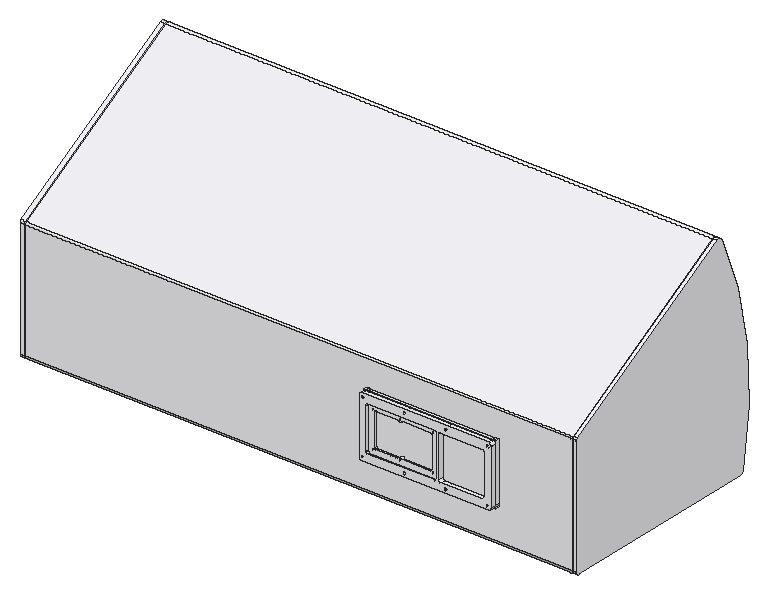
Revit family "EVU-2082", category Communication Devices, Revit 2017 (continued)
Definition of nested family "InputPanel_small"
  Lines and regions (mm)
    model lines
      curve 1021: line (-27.083, -4.337, 45.289) -> (-26.397, -4.337, 44.729)
      curve 1022: line (-26.397, -4.337, 44.729) -> (-25.943, -4.337, 43.898)
      curve 1023: line (-25.939, -4.337, 43.892) -> (-25.655, -4.337, 42.903)
      curve 1024: line (-25.655, -4.337, 42.903) -> (-24.963, -4.337, 42.903)
      curve 1025: line (-24.963, -4.337, 42.903) -> (-22.846, -4.337, 42.903)
      curve 1026: line (-22.846, -4.337, 42.903) -> (-22.846, -4.337, 46.056)
      curve 1027: line (-25.779, -4.337, 30.291) -> (-25.941, -4.337, 29.303)
      curve 1028: line (-25.941, -4.337, 29.303) -> (-26.399, -4.337, 28.465)
      curve 1029: line (-26.399, -4.337, 28.465) -> (-27.085, -4.337, 27.905)
      curve 1030: line (-27.085, -4.337, 27.905) -> (-27.895, -4.337, 27.709)
      curve 1031: line (-27.895, -4.337, 27.709) -> (-28.704, -4.337, 27.906)
      curve 1032: line (-28.704, -4.337, 27.906) -> (-29.39, -4.337, 28.465)
      curve 1033: line (-29.39, -4.337, 28.465) -> (-29.849, -4.337, 29.303)
      curve 1034: line (-29.849, -4.337, 29.303) -> (-30.01, -4.337, 30.291)
      curve 1035: line (-30.01, -4.337, 30.291) -> (-29.849, -4.337, 31.279)
      curve 1036: line (-29.849, -4.337, 31.279) -> (-29.39, -4.337, 32.117)
      curve 1037: line (-29.39, -4.337, 32.117) -> (-28.704, -4.337, 32.677)
      curve 1038: line (-28.704, -4.337, 32.677) -> (-27.894, -4.337, 32.873)
      curve 1039: line (-27.894, -4.337, 32.873) -> (-27.085, -4.337, 32.676)
      curve 1040: line (-27.085, -4.337, 32.676) -> (-26.399, -4.337, 32.117)
      curve 1041: line (-26.399, -4.337, 32.117) -> (-25.944, -4.337, 31.286)
      curve 1042: line (-25.94, -4.337, 31.279) -> (-25.657, -4.337, 30.291)
      curve 1043: line (-25.657, -4.337, 30.291) -> (-24.965, -4.337, 30.291)
      curve 1044: line (-24.965, -4.337, 30.291) -> (-22.847, -4.337, 30.29)
      curve 1045: line (-22.847, -4.337, 30.29) -> (-22.848, -4.337, 36.486)
      curve 1046: line (-28.709, -4.337, 20.832) -> (-28.921, -4.337, 20.832)
      curve 1047: line (-28.921, -4.337, 20.832) -> (-28.921, -4.337, 21.175)
      curve 1048: line (-28.842, -4.337, 21.313) -> (-28.709, -4.337, 21.439)
      curve 1049: line (-28.709, -4.337, 21.439) -> (-28.709, -4.337, 20.832)
      curve 1050: line (-28.709, -4.337, 20.832) -> (-27.082, -4.337, 20.831)
      curve 1051: line (-27.082, -4.337, 20.831) -> (-27.082, -4.337, 21.438)
      curve 1052: line (-27.081, -4.337, 27.746) -> (-27.082, -4.337, 26.531)
      curve 1053: line (-27.081, -4.337, 34.051) -> (-27.081, -4.337, 32.836)
      curve 1054: line (-27.08, -4.337, 40.358) -> (-27.08, -4.337, 39.143)
      curve 1055: line (-28.706, -4.337, 46.057) -> (-28.918, -4.337, 46.057)
      curve 1056: line (-28.918, -4.337, 46.057) -> (-28.918, -4.337, 45.691)
      curve 1057: line (-28.839, -4.337, 45.575) -> (-28.706, -4.337, 45.449)
      curve 1058: line (-28.706, -4.337, 45.449) -> (-28.706, -4.337, 46.057)
      curve 1059: line (-28.706, -4.337, 46.057) -> (-27.079, -4.337, 46.057)
      curve 1060: line (-27.079, -4.337, 46.057) -> (-27.079, -4.337, 45.449)
      curve 1061: line (-28.919, -4.337, 40.095) -> (-28.915, -4.337, 39.417)
      curve 1062: line (-28.84, -4.337, 39.27) -> (-28.707, -4.337, 39.144)
      curve 1063: line (-28.707, -4.337, 39.144) -> (-28.707, -4.337, 40.359)
      curve 1064: line (-28.707, -4.337, 40.359) -> (-28.84, -4.337, 40.232)
      curve 1065: line (-28.708, -4.337, 34.051) -> (-28.708, -4.337, 32.836)
      curve 1066: line (-28.708, -4.337, 32.836) -> (-28.841, -4.337, 32.963)
      curve 1067: line (-28.92, -4.337, 33.078) -> (-28.919, -4.337, 33.787)
      curve 1068: line (-28.841, -4.337, 33.925) -> (-28.708, -4.337, 34.051)
      curve 1069: line (-28.92, -4.337, 27.482) -> (-28.917, -4.337, 26.804)
      curve 1070: line (-28.842, -4.337, 26.657) -> (-28.709, -4.337, 26.531)
      curve 1071: line (-28.709, -4.337, 26.531) -> (-28.708, -4.337, 27.746)
      curve 1072: line (-28.708, -4.337, 27.746) -> (-28.842, -4.337, 27.62)
      curve 1073: line (-24.272, -4.337, 33.155) -> (-26.389, -4.337, 33.155)
      curve 1074: line (-26.389, -4.337, 33.155) -> (-26.389, -4.337, 33.732)
      curve 1075: line (-26.389, -4.337, 33.732) -> (-24.272, -4.337, 33.731)
      curve 1076: line (-24.272, -4.337, 33.731) -> (-24.272, -4.337, 33.155)
      curve 1077: line (-24.271, -4.337, 39.462) -> (-24.271, -4.337, 40.039)
      curve 1078: line (-24.271, -4.337, 40.039) -> (-26.388, -4.337, 40.039)
      curve 1079: line (-26.388, -4.337, 40.039) -> (-26.388, -4.337, 39.463)
      curve 1080: line (-26.388, -4.337, 39.463) -> (-24.271, -4.337, 39.462)
      curve 1081: line (-24.272, -4.337, 26.85) -> (-24.272, -4.337, 27.426)
      curve 1082: line (-24.272, -4.337, 27.426) -> (-26.39, -4.337, 27.426)
      curve 1083: line (-26.39, -4.337, 27.426) -> (-26.39, -4.337, 26.85)
      curve 1084: line (-26.39, -4.337, 26.85) -> (-24.272, -4.337, 26.85)
      curve 1085: line (-26.388, -4.337, 46.057) -> (-24.27, -4.337, 46.056)
      curve 1086: line (-24.27, -4.337, 46.056) -> (-24.27, -4.337, 45.768)
      curve 1087: line (-24.27, -4.337, 45.768) -> (-26.388, -4.337, 45.768)
      curve 1088: line (-26.388, -4.337, 45.768) -> (-26.388, -4.337, 46.057)
      curve 1089: line (-26.388, -4.337, 46.057) -> (-27.079, -4.337, 46.057)
      curve 1090: line (-27.082, -4.337, 20.831) -> (-26.391, -4.337, 20.831)
      curve 1091: line (-26.391, -4.337, 20.831) -> (-26.391, -4.337, 21.119)
      curve 1092: line (-26.391, -4.337, 21.119) -> (-24.273, -4.337, 21.119)
      curve 1093: line (-24.273, -4.337, 21.119) -> (-24.273, -4.337, 20.831)
      curve 1094: line (-24.273, -4.337, 20.831) -> (-26.391, -4.337, 20.831)
      curve 1095: line (-25.785, -4.337, 36.802) -> (-27.579, -4.337, 34.613)
      curve 1096: line (-27.579, -4.337, 34.613) -> (-27.088, -4.337, 34.281)
      curve 1097: line (-25.785, -4.337, 43.108) -> (-27.578, -4.337, 40.92)
      curve 1098: line (-27.578, -4.337, 40.92) -> (-27.087, -4.337, 40.587)
      curve 1099: line (-25.812, -4.337, 37.057) -> (-27.412, -4.337, 35.105)
      curve 1100: line (-27.412, -4.337, 35.105) -> (-27.981, -4.337, 35.105)
      curve 1101: line (-27.981, -4.337, 35.105) -> (-25.943, -4.337, 37.592)
      curve 1102: line (-25.812, -4.337, 43.363) -> (-27.411, -4.337, 41.411)
      curve 1103: line (-27.411, -4.337, 41.411) -> (-27.981, -4.337, 41.411)
      curve 1104: line (-27.981, -4.337, 41.411) -> (-25.943, -4.337, 43.898)
      curve 1105: line (-25.786, -4.337, 30.496) -> (-27.579, -4.337, 28.307)
      curve 1106: line (-27.579, -4.337, 28.307) -> (-27.088, -4.337, 27.974)
      curve 1107: line (-25.787, -4.337, 24.189) -> (-27.58, -4.337, 22.001)
      curve 1108: line (-27.58, -4.337, 22.001) -> (-27.089, -4.337, 21.668)
      curve 1109: line (-25.814, -4.337, 24.444) -> (-27.413, -4.337, 22.492)
      curve 1110: line (-27.413, -4.337, 22.492) -> (-27.983, -4.337, 22.492)
      curve 1111: line (-27.983, -4.337, 22.492) -> (-25.945, -4.337, 24.979)
      curve 1112: line (-25.813, -4.337, 30.75) -> (-27.412, -4.337, 28.798)
      curve 1113: line (-27.412, -4.337, 28.798) -> (-27.982, -4.337, 28.799)
      curve 1114: line (-27.982, -4.337, 28.799) -> (-25.944, -4.337, 31.286)
      curve 1115: line (-22.849, -4.337, 23.874) -> (-22.85, -4.337, 20.831)
      curve 1116: line (-22.85, -4.337, 20.831) -> (-17.426, -4.337, 20.83)
      curve 1117: line (-17.426, -4.337, 20.83) -> (-17.423, -4.337, 46.056)
      curve 1118: line (-17.423, -4.337, 46.056) -> (-22.846, -4.337, 46.056)
      curve 1119: line (-22.846, -4.337, 46.056) -> (-24.27, -4.337, 46.056)
      curve 1120: line (-24.27, -4.337, 46.056) -> (-21.157, -4.337, 46.184)
      curve 1121: line (-21.157, -4.337, 46.184) -> (-21.035, -4.337, 46.361)
      curve 1122: line (-24.273, -4.337, 20.831) -> (-22.85, -4.337, 20.831)
      curve 1123: line (-16.642, -4.337, 39.451) -> (-16.643, -4.337, 33.939)
      curve 1124: line (-16.643, -4.337, 33.939) -> (-12.428, -4.337, 33.939)
      curve 1125: line (-12.428, -4.337, 33.939) -> (-12.427, -4.337, 39.451)
      curve 1126: line (-12.427, -4.337, 39.451) -> (-16.642, -4.337, 39.451)
      curve 1127: line (-12.427, -4.337, 40.047) -> (-12.426, -4.337, 45.558)
      curve 1128: line (-12.426, -4.337, 45.558) -> (-16.641, -4.337, 45.559)
      curve 1129: line (-16.641, -4.337, 45.559) -> (-16.642, -4.337, 40.047)
      curve 1130: line (-16.642, -4.337, 40.047) -> (-12.427, -4.337, 40.047)
      curve 1131: line (-17.1, -4.337, 20.83) -> (-17.097, -4.337, 46.055)
      curve 1132: line (-17.097, -4.337, 46.055) -> (-11.97, -4.337, 46.055)
      curve 1133: line (-11.97, -4.337, 46.055) -> (-11.974, -4.337, 20.83)
      curve 1134: line (-11.974, -4.337, 20.83) -> (-17.1, -4.337, 20.83)
      curve 1135: line (-17.1, -4.337, 20.83) -> (-17.426, -4.337, 20.83)
      curve 1136: line (-16.644, -4.337, 26.839) -> (-16.644, -4.337, 21.327)
      curve 1137: line (-16.644, -4.337, 21.327) -> (-12.429, -4.337, 21.326)
      curve 1138: line (-12.429, -4.337, 21.326) -> (-12.428, -4.337, 26.838)
      curve 1139: line (-12.428, -4.337, 26.838) -> (-16.644, -4.337, 26.839)
      curve 1140: line (-12.428, -4.337, 27.434) -> (-12.428, -4.337, 32.946)
      curve 1141: line (-12.428, -4.337, 32.946) -> (-16.643, -4.337, 32.946)
      curve 1142: line (-16.643, -4.337, 32.946) -> (-16.644, -4.337, 27.434)
      curve 1143: line (-16.644, -4.337, 27.434) -> (-12.428, -4.337, 27.434)
      curve 1144: line (-17.097, -4.337, 46.055) -> (-17.423, -4.337, 46.056)
      curve 1145: line (-17.423, -4.337, 46.056) -> (-14.161, -4.337, 46.183)
      curve 1146: line (-14.161, -4.337, 46.183) -> (-14.039, -4.337, 46.36)
      curve 1147: line (-14.039, -4.337, 46.36) -> (-17.172, -4.337, 46.36)
      curve 1148: line (-17.172, -4.337, 46.36) -> (-17.294, -4.337, 46.183)
      curve 1149: line (-16.642, -4.337, 38.284) -> (-15.234, -4.337, 38.284)
      curve 1150: line (-15.234, -4.337, 38.284) -> (-14.908, -4.337, 38.972)
      curve 1151: line (-14.908, -4.337, 38.972) -> (-14.523, -4.337, 39.451)
      curve 1152: line (-16.644, -4.337, 25.672) -> (-15.235, -4.337, 25.671)
      curve 1153: line (-15.235, -4.337, 25.671) -> (-14.91, -4.337, 26.36)
      curve 1154: line (-14.91, -4.337, 26.36) -> (-14.525, -4.337, 26.838)
      curve 1155: line (-16.644, -4.337, 28.601) -> (-15.235, -4.337, 28.601)
      curve 1156: line (-15.235, -4.337, 28.601) -> (-14.91, -4.337, 27.913)
      curve 1157: line (-14.91, -4.337, 27.913) -> (-14.525, -4.337, 27.434)
      curve 1158: line (-16.642, -4.337, 41.214) -> (-15.234, -4.337, 41.214)
      curve 1159: line (-15.234, -4.337, 41.214) -> (-14.908, -4.337, 40.526)
      curve 1160: line (-14.908, -4.337, 40.526) -> (-14.523, -4.337, 40.047)
      curve 1161: line (-16.643, -4.337, 31.978) -> (-15.235, -4.337, 31.978)
      curve 1162: line (-15.235, -4.337, 31.978) -> (-14.909, -4.337, 32.666)
      curve 1163: line (-14.909, -4.337, 32.666) -> (-14.684, -4.337, 32.946)
      curve 1164: line (-16.642, -4.337, 44.591) -> (-15.233, -4.337, 44.59)
      curve 1165: line (-15.233, -4.337, 44.59) -> (-14.908, -4.337, 45.278)
      curve 1166: line (-14.908, -4.337, 45.278) -> (-14.682, -4.337, 45.559)
      curve 1167: line (-16.643, -4.337, 34.908) -> (-15.234, -4.337, 34.907)
      curve 1168: line (-15.234, -4.337, 34.907) -> (-14.909, -4.337, 34.219)
      curve 1169: line (-14.684, -4.337, 33.939) -> (-14.909, -4.337, 34.219)
      curve 1170: line (-14.909, -4.337, 34.219) -> (-14.908, -4.337, 38.972)
      curve 1171: line (-16.644, -4.337, 22.295) -> (-15.236, -4.337, 22.295)
      curve 1172: line (-15.236, -4.337, 22.295) -> (-14.911, -4.337, 21.607)
      curve 1173: line (-14.911, -4.337, 21.607) -> (-14.91, -4.337, 26.36)
      curve 1174: line (-14.685, -4.337, 21.327) -> (-14.911, -4.337, 21.607)
      curve 1175: line (-15.235, -4.337, 28.601) -> (-15.235, -4.337, 31.978)
      curve 1176: line (-15.234, -4.337, 41.214) -> (-15.233, -4.337, 44.59)
      curve 1177: line (-15.235, -4.337, 25.671) -> (-15.236, -4.337, 22.295)
      curve 1178: line (-15.234, -4.337, 38.284) -> (-15.234, -4.337, 34.907)
      curve 1179: line (-17.172, -4.337, 46.36) -> (-17.172, -4.337, 46.622)
      curve 1180: line (-17.172, -4.337, 46.622) -> (-14.039, -4.337, 46.621)
      curve 1181: line (-14.039, -4.337, 46.621) -> (-14.039, -4.337, 46.36)
      curve 1182: line (-17.172, -4.337, 46.622) -> (-17.753, -4.337, 46.622)
      curve 1183: line (-17.753, -4.337, 46.622) -> (-17.753, -4.337, 46.36)
      curve 1184: line (-17.753, -4.337, 46.36) -> (-17.631, -4.337, 46.183)
      curve 1185: line (-13.525, -4.337, 40.047) -> (-13.524, -4.337, 45.558)
      curve 1186: line (-13.527, -4.337, 27.434) -> (-13.526, -4.337, 32.946)
      curve 1187: line (-13.527, -4.337, 21.326) -> (-13.527, -4.337, 26.838)
      curve 1188: line (-13.526, -4.337, 33.939) -> (-13.525, -4.337, 39.451)
      curve 1189: line (-14.91, -4.337, 27.913) -> (-14.909, -4.337, 32.666)
      curve 1190: line (-14.908, -4.337, 40.526) -> (-14.908, -4.337, 45.278)
      curve 1191: line (-24.168, -4.337, 46.361) -> (-24.29, -4.337, 46.184)
      curve 1192: line (-24.168, -4.337, 46.622) -> (-24.168, -4.337, 46.361)
      curve 1193: line (-24.168, -4.337, 46.361) -> (-21.035, -4.337, 46.361)
      curve 1194: line (-21.035, -4.337, 46.361) -> (-21.035, -4.337, 46.622)
      curve 1195: line (-21.035, -4.337, 46.622) -> (-24.168, -4.337, 46.622)
      curve 1196: line (-24.168, -4.337, 46.622) -> (-24.749, -4.337, 46.623)
      curve 1197: line (-24.749, -4.337, 46.623) -> (-24.749, -4.337, 46.361)
      curve 1198: line (-24.749, -4.337, 46.361) -> (-24.627, -4.337, 46.184)
      curve 1199: line (-50.251, -4.337, 21.031) -> (-50.248, -4.337, 45.862)
      curve 1200: line (-50.193, -4.337, 45.807) -> (-50.196, -4.337, 21.086)
      curve 1201: line (-49.239, -4.337, 46.871) -> (-11.796, -4.337, 46.867)
      curve 1202: line (-11.851, -4.337, 46.812) -> (-49.184, -4.337, 46.816)
      curve 1203: line (-10.787, -4.337, 45.858) -> (-10.79, -4.337, 21.027)
      curve 1204: line (-10.79, -4.337, 21.029) -> (-10.842, -4.337, 45.803)
      curve 1205: line (-11.799, -4.337, 20.018) -> (-49.243, -4.337, 20.022)
      curve 1206: line (-49.188, -4.337, 20.077) -> (-11.854, -4.337, 20.073)
      curve 1207: line (-32.649, -4.337, 30.292) -> (-31.03, -4.337, 30.291)
      curve 1208: line (-31.03, -4.337, 30.291) -> (-30.696, -4.337, 30.291)
      curve 1209: line (-32.65, -4.337, 23.985) -> (-31.031, -4.337, 23.985)
      curve 1210: line (-31.031, -4.337, 23.985) -> (-30.698, -4.337, 23.985)
      curve 1211: line (-32.649, -4.337, 36.598) -> (-31.029, -4.337, 36.598)
      curve 1212: line (-31.029, -4.337, 36.598) -> (-30.696, -4.337, 36.598)
      curve 1213: line (-32.648, -4.337, 42.904) -> (-31.028, -4.337, 42.904)
      curve 1214: line (-31.028, -4.337, 42.904) -> (-30.695, -4.337, 42.904)
      curve 1215: line (-28.39, -4.337, 36.597) -> (-30.009, -4.337, 36.598)
      curve 1216: line (-30.009, -4.337, 36.598) -> (-30.343, -4.337, 36.598)
      curve 1217: line (-28.389, -4.337, 42.904) -> (-30.008, -4.337, 42.904)
      curve 1218: line (-30.008, -4.337, 42.904) -> (-30.341, -4.337, 42.904)
      curve 1219: line (-28.39, -4.337, 30.291) -> (-30.01, -4.337, 30.291)
      curve 1220: line (-30.01, -4.337, 30.291) -> (-30.343, -4.337, 30.291)
      curve 1221: line (-28.391, -4.337, 23.985) -> (-30.011, -4.337, 23.985)
      curve 1222: line (-30.011, -4.337, 23.985) -> (-30.344, -4.337, 23.985)
Definition of nested family "EV-L.dwg"
  Parameters (values of type "EV-L.dwg")
    Material = ""
    Default Elevation = 1219.20 mm
  Reference planes
    plane 1 "Center (Front/Back)": y = 0
    plane 2: z = 0
    plane 3 "Center (Left/Right)": x = 0
  Forms (mm)
    Extrusion 1, solid, not visible
      sketch origin (-18.843, -0.5, -73.012) x (-1, 0, 0) y (0, 0, 1)
        loop
          arc (-29.526, 84.261) -> (-30.141, 84.007) -> (-30.395, 83.392) r 0.869
          line (-30.395, 83.392) -> (-30.395, 62.633)
          arc (-30.395, 62.633) -> (-30.141, 62.018) -> (-29.526, 61.764) r 0.869
          line (-29.526, 61.764) -> (-8.052, 61.764)
          arc (-8.052, 61.764) -> (-7.438, 62.018) -> (-7.183, 62.633) r 0.869
          line (-7.183, 62.633) -> (-7.183, 83.392)
          arc (-7.183, 83.392) -> (-7.438, 84.007) -> (-8.052, 84.261) r 0.869
          line (-8.052, 84.261) -> (-29.526, 84.261)
      from 0 to -0.5
    Extrusion 2, solid
      sketch origin (-18.843, -5, -73.012) x (-1, 0, 0) y (0, 0, 1)
        loop
          line (-29.491, 83.392) -> (-29.491, 62.633) -> (-8.043, 62.633) -> (-8.043, 83.392) -> (-29.491, 83.392)
        loop
          line (-27.027, 79.951) -> (-27.027, 69.549) -> (-20.429, 69.549) -> (-20.429, 71.809) -> (-24.55, 71.809) -> (-24.55, 73.62) -> (-20.429, 73.62) -> (-20.429, 75.88) -> (-24.55, 75.88) -> (-24.55, 77.69) -> (-20.429, 77.69) -> (-20.429, 79.951) -> (-27.027, 79.951)
        loop
          line (-19.452, 75.88) -> (-19.452, 73.62) -> (-17.856, 73.62) -> (-17.856, 65.711) -> (-15.405, 65.711) -> (-9.782, 78.26) -> (-12.45, 78.26) -> (-15.379, 71.666) -> (-15.379, 75.88) -> (-19.452, 75.88)
      from 4.5 to 5
    Extrusion 3, solid
      sketch origin (-0.107, -1, 0) x (-1, 0, 0) y (0, 0, 1)
        loop
          line (10.366, 11.293) -> (-10.467, 11.293)
          arc (-10.467, 11.293) -> (-11.304, 10.947) -> (-11.651, 10.11) r 1.184
          line (-11.651, 10.11) -> (-11.651, -10.023)
          arc (-11.651, -10.023) -> (-11.304, -10.86) -> (-10.467, -11.207) r 1.184
          line (-10.467, -11.207) -> (10.366, -11.207)
          arc (10.366, -11.207) -> (11.203, -10.86) -> (11.549, -10.023) r 1.184
          line (11.549, -10.023) -> (11.549, 10.11)
          arc (11.549, 10.11) -> (11.203, 10.947) -> (10.366, 11.293) r 1.184
      from 0 to 0.5
Types (3, lengths in mm): name | ModelNumber | MaterialRALColour | LoudspeakerMaterial | CTN | GrillMaterial
  (no name) | "F.01U.216.256" | "RAL9010" | 13-plyWeather-resistantBirchEVCoat -RAL9010 | "EVU2082/95WHT" | 16GA Powder-coatedGalvanneal - W
  EVU2082/95Wht_Single_8_Inch_Two_Way_White | "F.01U.216.256" | "RAL9010" | 13-plyWeather-resistantBirchEVCoat -RAL9010 | "EVU2082/95WHT" | 16GA Powder-coatedGalvanneal - W
  EVU2082/95BLK_Single_8_Inch_Two_Way_Black | "F.01U.216.255" | "RAL9004" | 13-plyWeather-resistantBirchEVCoat -RAL9004 | "EVU2082/95BLK" | 16GA Powder-coatedGalvanneal - B
